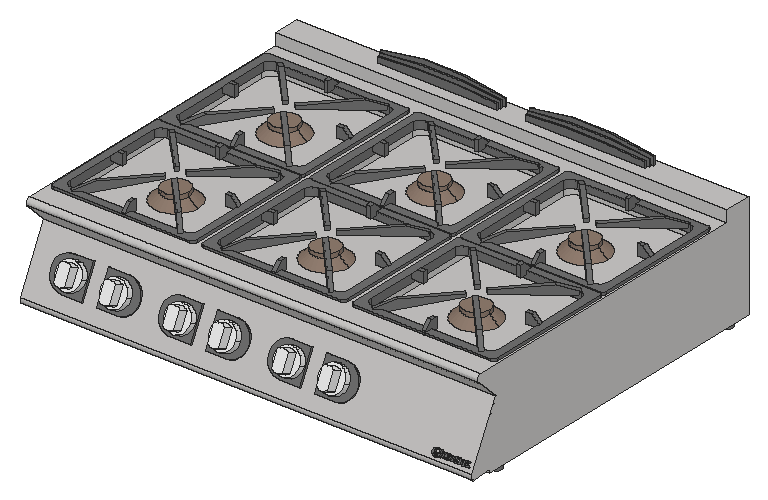
Revit family "QF_GIORIK_CG960T", category Specialty Equipment, Revit 2014
Parameters (values of type "CG960T")
  Weight in Pounds = 220.462
  URL Cutsheet = "www.giorik.com"
  URL = "www.giorik.com"
  Status [instance] = ""
  Specification by User [instance] = ""
  Specification by Manufacturer = ""
  Show Logo [instance] = yes
  Show Clearance [instance] = yes
  Serial Number = ""
  Seismic Rating = ""
  SMACNA No = ""
  Revision Code [instance] = ""
  NAFEM Spec ID Number = ""
  Model = "CG960T"
  Mechanical Remarks [instance] = "Natural Gas"
  Mechanical Connection Type [instance] = ""
  Masterspec = ""
  Manufacturer = "GIORIK"
  Item Number [instance] = ""
  Installed By [instance] = ""
  Identify Quantity as Lot [instance] = no
  Gas Size = 1"
  Gas RI Height [instance] = 0 mm
  Gas KW = 48
  Gas Input = 48000 W
  Gas Connection Height [instance] = 20 mm
  Furnished By [instance] = ""
  Foodservice Equipment Identifier [instance] = yes
  Description = "6 BURNER GAS RANGE - COUNTERTOP VERSION"
  CSI MasterFormat = ""
  Assembly Code = "E1090320"
Reference planes
  plane 1 "Back": y = 0
  plane 2: z = 0
  plane 3 "Left": x = 0
  plane 4 "Right": x = 1200
  plane 5 "Front": y = -920
  plane 6 "Top": z = 300.021
Forms (mm)
  Extrusion 1, void
    sketch origin (0, -2.695, 300.021) x (0, 1, 0) y (-1, 0, 0)
      loop
        arc (-110, -48.046) -> (-118.787, -26.832) -> (-140, -18.046) r 30
        line (-140, -18.046) -> (-800.004, -18.046)
        arc (-800.004, -18.046) -> (-821.217, -26.832) -> (-830.004, -48.046) r 30
        line (-830.004, -48.046) -> (-830.004, -352.046)
        arc (-830.004, -352.046) -> (-821.217, -373.259) -> (-800.004, -382.046) r 30
        line (-800.004, -382.046) -> (-140, -382.046)
        arc (-140, -382.046) -> (-118.787, -373.259) -> (-110, -352.046) r 30
        line (-110, -352.046) -> (-110, -48.046)
    from -30 to -70
  Extrusion 2, solid
    sketch origin (-4, -2.717, 5.033) x (1, 0, 0) y (0, 1, 0)
      loop
        circle (54, -385) r 12.5
    from 0 to 15
  Extrusion 3, solid
    sketch origin (159.325, -432.708, -670.979) x (0, -1, 0) y (0, 0, -1)
      loop
        line (35.989, -935.989) -> (65, -965) -> (79.749, -965) -> (79.749, -935.989) -> (35.989, -935.989)
    from 35.72 to 45.72
  Extrusion 4, solid
    sketch origin (0.046, -427.695, -576.979) x (1, 0, 0) y (0, 1, 0)
      loop
        line (8, -55.002) -> (8, -395.004)
        arc (8, -395.004) -> (10.929, -402.075) -> (18, -405.004) r 10
        line (18, -405.004) -> (382, -405.004)
        arc (382, -405.004) -> (389.071, -402.075) -> (392, -395.004) r 10
        line (392, -395.004) -> (392, -55.002)
        arc (392, -55.002) -> (389.071, -47.931) -> (382, -45.002) r 10
        line (382, -45.002) -> (18, -45.002)
        arc (18, -45.002) -> (10.929, -47.931) -> (8, -55.002) r 10
      loop
        arc (49.954, -67.002) -> (35.812, -72.86) -> (29.954, -87.002) r 20
        line (29.954, -87.002) -> (29.954, -365.004)
        arc (29.954, -365.004) -> (35.812, -379.146) -> (49.954, -385.004) r 20
        line (49.954, -385.004) -> (349.954, -385.004)
        arc (349.954, -385.004) -> (364.097, -379.146) -> (369.954, -365.004) r 20
        line (369.954, -365.004) -> (369.954, -87.002)
        arc (369.954, -87.002) -> (364.097, -72.86) -> (349.954, -67.002) r 20
        line (349.954, -67.002) -> (49.954, -67.002)
    from 831.989 to 851.989
  Extrusion 5, solid
    sketch origin (347.736, -432.53, -602.788) x (-0.670885, -0.741561, 0) y (0, 0, -1)
      loop
        line (239.679, -896.808) -> (239.679, -888.14) -> (57.778, -867.797) -> (36.748, -867.797) -> (36.748, -875.452) -> (95.425, -896.808) -> (239.679, -896.808)
    from 30.148 to 40.148
  Extrusion 6, solid
    sketch origin (52.421, -432.594, -602.788) x (0.670878, -0.741568, 0) y (0, 0, 1)
      loop
        line (239.588, 896.808) -> (95.425, 896.808) -> (36.748, 875.452) -> (36.748, 867.797) -> (57.778, 867.797) -> (239.588, 888.13) -> (239.588, 896.808)
    from 30.148 to 40.148
  Extrusion 7, solid
    sketch origin (347.735, -874.862, -602.788) x (-0.670878, 0.741568, 0) y (0, 0, 1)
      loop
        line (239.679, 896.808) -> (95.425, 896.808) -> (36.748, 875.452) -> (36.748, 867.797) -> (57.778, 867.797) -> (239.679, 888.14) -> (239.679, 896.808)
    from 30.148 to 40.148
  Extrusion 8, solid
    sketch origin (52.356, -874.862, -602.788) x (0.670885, 0.741561, 0) y (0, 0, -1)
      loop
        line (239.679, -896.808) -> (239.679, -888.14) -> (57.778, -867.797) -> (36.748, -867.797) -> (36.748, -875.452) -> (95.425, -896.808) -> (239.679, -896.808)
    from 30.148 to 40.148
  Extrusion 9, solid
    sketch origin (240.72, -872.688, -670.979) x (0, 1, 0) y (0, 0, -1)
      loop
        line (35.989, -935.989) -> (65, -965) -> (79.749, -965) -> (79.749, -935.989) -> (35.989, -935.989)
    from 35.72 to 45.72
  Extrusion 10, solid
    sketch origin (159.325, -512.686, -670.979) x (0, 1, 0) y (0, 0, 1)
      loop
        line (35.989, 935.989) -> (79.749, 935.989) -> (79.749, 965) -> (65, 965) -> (35.989, 935.989)
    from 35.72 to 45.72
  Extrusion 11, solid
    sketch origin (-15.829, -241.978, -670.979) x (1, 0, 0) y (0, 0, 1)
      loop
        line (35.989, 935.989) -> (79.749, 935.989) -> (79.749, 965) -> (65, 965) -> (35.989, 935.989)
    from 35.72 to 45.72
  Extrusion 12, solid
    sketch origin (415.921, -241.978, -670.979) x (-1, 0, 0) y (0, 0, -1)
      loop
        line (35.989, -935.989) -> (65, -965) -> (79.749, -965) -> (79.749, -935.989) -> (35.989, -935.989)
    from 35.72 to 45.72
  Extrusion 13, solid
    sketch origin (0.046, -517.698, -576.979) x (1, 0, 0) y (0, 1, 0)
      loop
        arc (8, 55.002) -> (10.929, 47.931) -> (18, 45.002) r 10
        line (18, 45.002) -> (382, 45.002)
        arc (382, 45.002) -> (389.071, 47.931) -> (392, 55.002) r 10
        line (392, 55.002) -> (392, 395.004)
        arc (392, 395.004) -> (389.071, 402.075) -> (382, 405.004) r 10
        line (382, 405.004) -> (18, 405.004)
        arc (18, 405.004) -> (10.929, 402.075) -> (8, 395.004) r 10
        line (8, 395.004) -> (8, 55.002)
      loop
        line (49.954, 67.002) -> (349.954, 67.002)
        arc (349.954, 67.002) -> (364.097, 72.86) -> (369.954, 87.002) r 20
        line (369.954, 87.002) -> (369.954, 365.004)
        arc (369.954, 365.004) -> (364.097, 379.146) -> (349.954, 385.004) r 20
        line (349.954, 385.004) -> (49.954, 385.004)
        arc (49.954, 385.004) -> (35.812, 379.146) -> (29.954, 365.004) r 20
        line (29.954, 365.004) -> (29.954, 87.002)
        arc (29.954, 87.002) -> (35.812, 72.86) -> (49.954, 67.002) r 20
    from 831.989 to 851.989
  Extrusion 14, solid
    sketch origin (347.736, -512.863, -602.788) x (-0.670885, 0.741561, 0) y (0, 0, 1)
      loop
        line (239.679, 896.808) -> (95.425, 896.808) -> (36.748, 875.452) -> (36.748, 867.797) -> (57.778, 867.797) -> (239.679, 888.14) -> (239.679, 896.808)
    from 30.148 to 40.148
  Extrusion 15, solid
    sketch origin (52.421, -512.799, -602.788) x (0.670878, 0.741568, 0) y (0, 0, -1)
      loop
        line (239.588, -896.808) -> (239.588, -888.13) -> (57.778, -867.797) -> (36.748, -867.797) -> (36.748, -875.452) -> (95.425, -896.808) -> (239.588, -896.808)
    from 30.148 to 40.148
  Extrusion 16, solid
    sketch origin (347.735, -70.532, -602.788) x (-0.670878, -0.741568, 0) y (0, 0, -1)
      loop
        line (239.679, -896.808) -> (239.679, -888.14) -> (57.778, -867.797) -> (36.748, -867.797) -> (36.748, -875.452) -> (95.425, -896.808) -> (239.679, -896.808)
    from 30.148 to 40.148
  Extrusion 17, solid
    sketch origin (52.356, -70.532, -602.788) x (0.670885, -0.741561, 0) y (0, 0, 1)
      loop
        line (239.679, 896.808) -> (95.425, 896.808) -> (36.748, 875.452) -> (36.748, 867.797) -> (57.778, 867.797) -> (239.679, 888.14) -> (239.679, 896.808)
    from 30.148 to 40.148
  Extrusion 18, solid
    sketch origin (240.72, -72.706, -670.979) x (0, -1, 0) y (0, 0, 1)
      loop
        line (35.989, 935.989) -> (79.749, 935.989) -> (79.749, 965) -> (65, 965) -> (35.989, 935.989)
    from 35.72 to 45.72
  Extrusion 19, solid
    sketch origin (-4, -2.717, 5.033) x (1, 0, 0) y (0, 1, 0)
      loop
        circle (54, -385) r 12.5
    from 0 to 15
  Extrusion 20, solid
    sketch origin (-15.829, -694.419, -670.979) x (1, 0, 0) y (0, 0, -1)
      loop
        line (35.989, -935.989) -> (65, -965) -> (79.749, -965) -> (79.749, -935.989) -> (35.989, -935.989)
    from 35.72 to 45.72
  Extrusion 21, solid
    sketch origin (415.921, -694.419, -670.979) x (-1, 0, 0) y (0, 0, 1)
      loop
        line (35.989, 935.989) -> (79.749, 935.989) -> (79.749, 965) -> (65, 965) -> (35.989, 935.989)
    from 35.72 to 45.72
  Extrusion 22, solid
    sketch origin (559.325, -432.708, -670.979) x (0, -1, 0) y (0, 0, -1)
      loop
        line (35.989, -935.989) -> (65, -965) -> (79.749, -965) -> (79.749, -935.989) -> (35.989, -935.989)
    from 35.72 to 45.72
  Extrusion 23, solid
    sketch origin (400.046, -427.695, -576.979) x (1, 0, 0) y (0, 1, 0)
      loop
        line (8, -55.002) -> (8, -395.004)
        arc (8, -395.004) -> (10.929, -402.075) -> (18, -405.004) r 10
        line (18, -405.004) -> (382, -405.004)
        arc (382, -405.004) -> (389.071, -402.075) -> (392, -395.004) r 10
        line (392, -395.004) -> (392, -55.002)
        arc (392, -55.002) -> (389.071, -47.931) -> (382, -45.002) r 10
        line (382, -45.002) -> (18, -45.002)
        arc (18, -45.002) -> (10.929, -47.931) -> (8, -55.002) r 10
      loop
        arc (49.954, -67.002) -> (35.812, -72.86) -> (29.954, -87.002) r 20
        line (29.954, -87.002) -> (29.954, -365.004)
        arc (29.954, -365.004) -> (35.812, -379.146) -> (49.954, -385.004) r 20
        line (49.954, -385.004) -> (349.954, -385.004)
        arc (349.954, -385.004) -> (364.097, -379.146) -> (369.954, -365.004) r 20
        line (369.954, -365.004) -> (369.954, -87.002)
        arc (369.954, -87.002) -> (364.097, -72.86) -> (349.954, -67.002) r 20
        line (349.954, -67.002) -> (49.954, -67.002)
    from 831.989 to 851.989
  Extrusion 24, solid
    sketch origin (747.736, -432.53, -602.788) x (-0.670885, -0.741561, 0) y (0, 0, -1)
      loop
        line (239.679, -896.808) -> (239.679, -888.14) -> (57.778, -867.797) -> (36.748, -867.797) -> (36.748, -875.452) -> (95.425, -896.808) -> (239.679, -896.808)
    from 30.148 to 40.148
  Extrusion 25, solid
    sketch origin (452.421, -432.594, -602.788) x (0.670878, -0.741568, 0) y (0, 0, 1)
      loop
        line (239.588, 896.808) -> (95.425, 896.808) -> (36.748, 875.452) -> (36.748, 867.797) -> (57.778, 867.797) -> (239.588, 888.13) -> (239.588, 896.808)
    from 30.148 to 40.148
  Extrusion 26, solid
    sketch origin (747.735, -874.862, -602.788) x (-0.670878, 0.741568, 0) y (0, 0, 1)
      loop
        line (239.679, 896.808) -> (95.425, 896.808) -> (36.748, 875.452) -> (36.748, 867.797) -> (57.778, 867.797) -> (239.679, 888.14) -> (239.679, 896.808)
    from 30.148 to 40.148
  Extrusion 27, solid
    sketch origin (452.356, -874.862, -602.788) x (0.670885, 0.741561, 0) y (0, 0, -1)
      loop
        line (239.679, -896.808) -> (239.679, -888.14) -> (57.778, -867.797) -> (36.748, -867.797) -> (36.748, -875.452) -> (95.425, -896.808) -> (239.679, -896.808)
    from 30.148 to 40.148
  Extrusion 28, solid
    sketch origin (640.72, -872.688, -670.979) x (0, 1, 0) y (0, 0, -1)
      loop
        line (35.989, -935.989) -> (65, -965) -> (79.749, -965) -> (79.749, -935.989) -> (35.989, -935.989)
    from 35.72 to 45.72
  Extrusion 29, solid
    sketch origin (559.325, -512.686, -670.979) x (0, 1, 0) y (0, 0, 1)
      loop
        line (35.989, 935.989) -> (79.749, 935.989) -> (79.749, 965) -> (65, 965) -> (35.989, 935.989)
    from 35.72 to 45.72
  Extrusion 30, solid
    sketch origin (384.171, -241.978, -670.979) x (1, 0, 0) y (0, 0, 1)
      loop
        line (35.989, 935.989) -> (79.749, 935.989) -> (79.749, 965) -> (65, 965) -> (35.989, 935.989)
    from 35.72 to 45.72
  Extrusion 31, solid
    sketch origin (815.921, -241.978, -670.979) x (-1, 0, 0) y (0, 0, -1)
      loop
        line (35.989, -935.989) -> (65, -965) -> (79.749, -965) -> (79.749, -935.989) -> (35.989, -935.989)
    from 35.72 to 45.72
  Extrusion 32, solid
    sketch origin (400.046, -517.698, -576.979) x (1, 0, 0) y (0, 1, 0)
      loop
        arc (8, 55.002) -> (10.929, 47.931) -> (18, 45.002) r 10
        line (18, 45.002) -> (382, 45.002)
        arc (382, 45.002) -> (389.071, 47.931) -> (392, 55.002) r 10
        line (392, 55.002) -> (392, 395.004)
        arc (392, 395.004) -> (389.071, 402.075) -> (382, 405.004) r 10
        line (382, 405.004) -> (18, 405.004)
        arc (18, 405.004) -> (10.929, 402.075) -> (8, 395.004) r 10
        line (8, 395.004) -> (8, 55.002)
      loop
        line (49.954, 67.002) -> (349.954, 67.002)
        arc (349.954, 67.002) -> (364.097, 72.86) -> (369.954, 87.002) r 20
        line (369.954, 87.002) -> (369.954, 365.004)
        arc (369.954, 365.004) -> (364.097, 379.146) -> (349.954, 385.004) r 20
        line (349.954, 385.004) -> (49.954, 385.004)
        arc (49.954, 385.004) -> (35.812, 379.146) -> (29.954, 365.004) r 20
        line (29.954, 365.004) -> (29.954, 87.002)
        arc (29.954, 87.002) -> (35.812, 72.86) -> (49.954, 67.002) r 20
    from 831.989 to 851.989
  Extrusion 33, solid
    sketch origin (747.736, -512.863, -602.788) x (-0.670885, 0.741561, 0) y (0, 0, 1)
      loop
        line (239.679, 896.808) -> (95.425, 896.808) -> (36.748, 875.452) -> (36.748, 867.797) -> (57.778, 867.797) -> (239.679, 888.14) -> (239.679, 896.808)
    from 30.148 to 40.148
  Extrusion 34, solid
    sketch origin (452.421, -512.799, -602.788) x (0.670878, 0.741568, 0) y (0, 0, -1)
      loop
        line (239.588, -896.808) -> (239.588, -888.13) -> (57.778, -867.797) -> (36.748, -867.797) -> (36.748, -875.452) -> (95.425, -896.808) -> (239.588, -896.808)
    from 30.148 to 40.148
  Extrusion 35, solid
    sketch origin (747.735, -70.532, -602.788) x (-0.670878, -0.741568, 0) y (0, 0, -1)
      loop
        line (239.679, -896.808) -> (239.679, -888.14) -> (57.778, -867.797) -> (36.748, -867.797) -> (36.748, -875.452) -> (95.425, -896.808) -> (239.679, -896.808)
    from 30.148 to 40.148
  Extrusion 36, solid
    sketch origin (452.356, -70.532, -602.788) x (0.670885, -0.741561, 0) y (0, 0, 1)
      loop
        line (239.679, 896.808) -> (95.425, 896.808) -> (36.748, 875.452) -> (36.748, 867.797) -> (57.778, 867.797) -> (239.679, 888.14) -> (239.679, 896.808)
    from 30.148 to 40.148
  Extrusion 37, solid
    sketch origin (640.72, -72.706, -670.979) x (0, -1, 0) y (0, 0, 1)
      loop
        line (35.989, 935.989) -> (79.749, 935.989) -> (79.749, 965) -> (65, 965) -> (35.989, 935.989)
    from 35.72 to 45.72
  Extrusion 38, void
    sketch origin (400, -2.695, 300.021) x (0, 1, 0) y (-1, 0, 0)
      loop
        arc (-110, -48.046) -> (-118.787, -26.832) -> (-140, -18.046) r 30
        line (-140, -18.046) -> (-800.004, -18.046)
        arc (-800.004, -18.046) -> (-821.217, -26.832) -> (-830.004, -48.046) r 30
        line (-830.004, -48.046) -> (-830.004, -352.046)
        arc (-830.004, -352.046) -> (-821.217, -373.259) -> (-800.004, -382.046) r 30
        line (-800.004, -382.046) -> (-140, -382.046)
        arc (-140, -382.046) -> (-118.787, -373.259) -> (-110, -352.046) r 30
        line (-110, -352.046) -> (-110, -48.046)
    from -30 to -70
  Extrusion 39, solid
    sketch origin (384.171, -694.419, -670.979) x (1, 0, 0) y (0, 0, -1)
      loop
        line (35.989, -935.989) -> (65, -965) -> (79.749, -965) -> (79.749, -935.989) -> (35.989, -935.989)
    from 35.72 to 45.72
  Extrusion 40, solid
    sketch origin (815.921, -694.419, -670.979) x (-1, 0, 0) y (0, 0, 1)
      loop
        line (35.989, 935.989) -> (79.749, 935.989) -> (79.749, 965) -> (65, 965) -> (35.989, 935.989)
    from 35.72 to 45.72
  Extrusion 41, solid
    sketch origin (959.325, -432.708, -670.979) x (0, -1, 0) y (0, 0, -1)
      loop
        line (35.989, -935.989) -> (65, -965) -> (79.749, -965) -> (79.749, -935.989) -> (35.989, -935.989)
    from 35.72 to 45.72
  Extrusion 42, solid
    sketch origin (800.046, -427.695, -576.979) x (1, 0, 0) y (0, 1, 0)
      loop
        line (8, -55.002) -> (8, -395.004)
        arc (8, -395.004) -> (10.929, -402.075) -> (18, -405.004) r 10
        line (18, -405.004) -> (382, -405.004)
        arc (382, -405.004) -> (389.071, -402.075) -> (392, -395.004) r 10
        line (392, -395.004) -> (392, -55.002)
        arc (392, -55.002) -> (389.071, -47.931) -> (382, -45.002) r 10
        line (382, -45.002) -> (18, -45.002)
        arc (18, -45.002) -> (10.929, -47.931) -> (8, -55.002) r 10
      loop
        arc (49.954, -67.002) -> (35.812, -72.86) -> (29.954, -87.002) r 20
        line (29.954, -87.002) -> (29.954, -365.004)
        arc (29.954, -365.004) -> (35.812, -379.146) -> (49.954, -385.004) r 20
        line (49.954, -385.004) -> (349.954, -385.004)
        arc (349.954, -385.004) -> (364.097, -379.146) -> (369.954, -365.004) r 20
        line (369.954, -365.004) -> (369.954, -87.002)
        arc (369.954, -87.002) -> (364.097, -72.86) -> (349.954, -67.002) r 20
        line (349.954, -67.002) -> (49.954, -67.002)
    from 831.989 to 851.989
  Extrusion 43, solid
    sketch origin (1147.736, -432.53, -602.788) x (-0.670885, -0.741561, 0) y (0, 0, -1)
      loop
        line (239.679, -896.808) -> (239.679, -888.14) -> (57.778, -867.797) -> (36.748, -867.797) -> (36.748, -875.452) -> (95.425, -896.808) -> (239.679, -896.808)
    from 30.148 to 40.148
  Extrusion 44, solid
    sketch origin (852.421, -432.594, -602.788) x (0.670878, -0.741568, 0) y (0, 0, 1)
      loop
        line (239.588, 896.808) -> (95.425, 896.808) -> (36.748, 875.452) -> (36.748, 867.797) -> (57.778, 867.797) -> (239.588, 888.13) -> (239.588, 896.808)
    from 30.148 to 40.148
  Extrusion 45, solid
    sketch origin (1147.735, -874.862, -602.788) x (-0.670878, 0.741568, 0) y (0, 0, 1)
      loop
        line (239.679, 896.808) -> (95.425, 896.808) -> (36.748, 875.452) -> (36.748, 867.797) -> (57.778, 867.797) -> (239.679, 888.14) -> (239.679, 896.808)
    from 30.148 to 40.148
  Extrusion 46, solid
    sketch origin (852.356, -874.862, -602.788) x (0.670885, 0.741561, 0) y (0, 0, -1)
      loop
        line (239.679, -896.808) -> (239.679, -888.14) -> (57.778, -867.797) -> (36.748, -867.797) -> (36.748, -875.452) -> (95.425, -896.808) -> (239.679, -896.808)
    from 30.148 to 40.148
  Extrusion 47, solid
    sketch origin (1040.72, -872.688, -670.979) x (0, 1, 0) y (0, 0, -1)
      loop
        line (35.989, -935.989) -> (65, -965) -> (79.749, -965) -> (79.749, -935.989) -> (35.989, -935.989)
    from 35.72 to 45.72
  Extrusion 48, solid
    sketch origin (959.325, -512.686, -670.979) x (0, 1, 0) y (0, 0, 1)
      loop
        line (35.989, 935.989) -> (79.749, 935.989) -> (79.749, 965) -> (65, 965) -> (35.989, 935.989)
    from 35.72 to 45.72
  Extrusion 49, solid
    sketch origin (784.171, -241.978, -670.979) x (1, 0, 0) y (0, 0, 1)
      loop
        line (35.989, 935.989) -> (79.749, 935.989) -> (79.749, 965) -> (65, 965) -> (35.989, 935.989)
    from 35.72 to 45.72
  Extrusion 50, solid
    sketch origin (1215.921, -241.978, -670.979) x (-1, 0, 0) y (0, 0, -1)
      loop
        line (35.989, -935.989) -> (65, -965) -> (79.749, -965) -> (79.749, -935.989) -> (35.989, -935.989)
    from 35.72 to 45.72
  Extrusion 51, solid
    sketch origin (800.046, -517.698, -576.979) x (1, 0, 0) y (0, 1, 0)
      loop
        arc (8, 55.002) -> (10.929, 47.931) -> (18, 45.002) r 10
        line (18, 45.002) -> (382, 45.002)
        arc (382, 45.002) -> (389.071, 47.931) -> (392, 55.002) r 10
        line (392, 55.002) -> (392, 395.004)
        arc (392, 395.004) -> (389.071, 402.075) -> (382, 405.004) r 10
        line (382, 405.004) -> (18, 405.004)
        arc (18, 405.004) -> (10.929, 402.075) -> (8, 395.004) r 10
        line (8, 395.004) -> (8, 55.002)
      loop
        line (49.954, 67.002) -> (349.954, 67.002)
        arc (349.954, 67.002) -> (364.097, 72.86) -> (369.954, 87.002) r 20
        line (369.954, 87.002) -> (369.954, 365.004)
        arc (369.954, 365.004) -> (364.097, 379.146) -> (349.954, 385.004) r 20
        line (349.954, 385.004) -> (49.954, 385.004)
        arc (49.954, 385.004) -> (35.812, 379.146) -> (29.954, 365.004) r 20
        line (29.954, 365.004) -> (29.954, 87.002)
        arc (29.954, 87.002) -> (35.812, 72.86) -> (49.954, 67.002) r 20
    from 831.989 to 851.989
  Extrusion 52, solid
    sketch origin (1147.736, -512.863, -602.788) x (-0.670885, 0.741561, 0) y (0, 0, 1)
      loop
        line (239.679, 896.808) -> (95.425, 896.808) -> (36.748, 875.452) -> (36.748, 867.797) -> (57.778, 867.797) -> (239.679, 888.14) -> (239.679, 896.808)
    from 30.148 to 40.148
  Extrusion 53, solid
    sketch origin (852.421, -512.799, -602.788) x (0.670878, 0.741568, 0) y (0, 0, -1)
      loop
        line (239.588, -896.808) -> (239.588, -888.13) -> (57.778, -867.797) -> (36.748, -867.797) -> (36.748, -875.452) -> (95.425, -896.808) -> (239.588, -896.808)
    from 30.148 to 40.148
  Extrusion 54, solid
    sketch origin (1147.735, -70.532, -602.788) x (-0.670878, -0.741568, 0) y (0, 0, -1)
      loop
        line (239.679, -896.808) -> (239.679, -888.14) -> (57.778, -867.797) -> (36.748, -867.797) -> (36.748, -875.452) -> (95.425, -896.808) -> (239.679, -896.808)
    from 30.148 to 40.148
  Extrusion 55, solid
    sketch origin (852.356, -70.532, -602.788) x (0.670885, -0.741561, 0) y (0, 0, 1)
      loop
        line (239.679, 896.808) -> (95.425, 896.808) -> (36.748, 875.452) -> (36.748, 867.797) -> (57.778, 867.797) -> (239.679, 888.14) -> (239.679, 896.808)
    from 30.148 to 40.148
  Extrusion 56, solid
    sketch origin (1040.72, -72.706, -670.979) x (0, -1, 0) y (0, 0, 1)
      loop
        line (35.989, 935.989) -> (79.749, 935.989) -> (79.749, 965) -> (65, 965) -> (35.989, 935.989)
    from 35.72 to 45.72
  Extrusion 57, solid, visible <- "Show Logo"
    sketch origin (996.604, -935.721, 11.298) x (-1, 0, 0) y (0, 0.452718, 0.891654)
      loop
        line (-118.824, 58.358) -> (-127.804, 58.358) -> (-125.523, 56.445) -> (-125.523, 48.027) -> (-127.804, 46.113) -> (-118.824, 46.113) -> (-121.105, 48.027) -> (-121.105, 56.445) -> (-118.824, 58.358)
      loop
        line (-163.721, 58.358) -> (-172.7, 58.358) -> (-170.42, 56.445) -> (-170.42, 48.027) -> (-172.7, 46.113) -> (-163.721, 46.113) -> (-166.001, 48.027) -> (-166.001, 56.445) -> (-163.721, 58.358)
      loop
        line (-174.332, 58.358) -> (-183.312, 58.358) -> (-181.031, 56.445) -> (-181.031, 52.435) -> (-186.419, 56.955) -> (-184.416, 58.358) -> (-191.268, 58.358) -> (-188.01, 56.839) -> (-185.455, 54.283) -> (-190.846, 47.858) -> (-193.396, 46.93) -> (-193.396, 46.113) -> (-184.416, 46.113) -> (-185.437, 47.571) -> (-182.443, 51.552) -> (-181.031, 50.894) -> (-181.031, 48.027) -> (-183.312, 46.113) -> (-174.332, 46.113) -> (-176.613, 48.027) -> (-176.613, 56.445) -> (-174.332, 58.358)
      loop
        line (-115.429, 62.063) -> (-115.429, 54.198)
        arc (-115.429, 54.198) -> (-111.618, 57.803) -> (-106.847, 59.986) r 16.039
        arc (-106.847, 59.986) -> (-103.314, 59.837) -> (-100.512, 57.68) r 5.851
        arc (-100.512, 57.68) -> (-98.815, 52.267) -> (-100.512, 46.853) r 9.479
        arc (-100.512, 46.853) -> (-102.406, 44.986) -> (-104.846, 43.93) r 7.236
        arc (-104.846, 43.93) -> (-107.728, 44.111) -> (-110.052, 45.825) r 5.11
        line (-110.052, 45.825) -> (-110.052, 52.001) -> (-116.141, 52.001) -> (-116.141, 45.503) -> (-117.893, 43.751) -> (-114.094, 44.769)
        arc (-114.094, 44.769) -> (-112.56, 44.947) -> (-111.129, 44.366) r 3.115
        arc (-111.129, 44.366) -> (-104.216, 42.091) -> (-97.303, 44.366) r 11.641
        arc (-97.303, 44.366) -> (-93.396, 52.107) -> (-97.303, 59.849) r 9.622
        arc (-97.303, 59.849) -> (-104.369, 62.174) -> (-111.435, 59.849) r 11.898
        line (-111.435, 59.849) -> (-115.429, 62.063)
      loop
        arc (-129.234, 56.068) -> (-135.893, 58.628) -> (-142.552, 56.068) r 9.941
        arc (-142.552, 56.068) -> (-144.234, 52.286) -> (-142.552, 48.505) r 5.093
        arc (-142.552, 48.505) -> (-135.893, 45.945) -> (-129.234, 48.505) r 9.941
        arc (-129.234, 48.505) -> (-127.552, 52.286) -> (-129.234, 56.068) r 5.093
      loop
        arc (-132.628, 54.403) -> (-135.893, 57.668) -> (-139.158, 54.403) r 3.265
        line (-139.158, 54.403) -> (-139.158, 50.169)
        arc (-139.158, 50.169) -> (-135.893, 46.904) -> (-132.628, 50.169) r 3.265
        line (-132.628, 50.169) -> (-132.628, 54.403)
      loop
        arc (-156.363, 58.365) -> (-159.647, 55.081) -> (-156.363, 51.796) r 3.285
        line (-156.363, 51.796) -> (-159.529, 47.306) -> (-162.087, 46.113) -> (-155.847, 46.113) -> (-153.529, 51.083) -> (-150.637, 51.083) -> (-150.637, 47.784) -> (-153.022, 46.113) -> (-144.011, 46.113) -> (-146.094, 47.68) -> (-146.094, 56.493) -> (-144.229, 58.365) -> (-156.363, 58.365)
      loop
        line (-150.637, 57.512) -> (-153.637, 57.512)
        arc (-153.637, 57.512) -> (-156.237, 54.912) -> (-153.637, 52.312) r 2.6
        line (-153.637, 52.312) -> (-150.637, 52.312) -> (-150.637, 57.512)
      loop
        line (-108.924, 52.001) -> (-104.936, 49.005) -> (-100.948, 52.001) -> (-108.924, 52.001)
    from 1.5 to -0.5
  Extrusion 58, void
    sketch origin (800, -2.695, 300.021) x (0, 1, 0) y (-1, 0, 0)
      loop
        arc (-110, -50.16) -> (-118.787, -28.947) -> (-140, -20.16) r 30
        line (-140, -20.16) -> (-800.004, -20.16)
        arc (-800.004, -20.16) -> (-821.217, -28.947) -> (-830.004, -50.16) r 30
        line (-830.004, -50.16) -> (-830.004, -349.931)
        arc (-830.004, -349.931) -> (-821.217, -371.145) -> (-800.004, -379.931) r 30
        line (-800.004, -379.931) -> (-140, -379.931)
        arc (-140, -379.931) -> (-118.787, -371.145) -> (-110, -349.931) r 30
        line (-110, -349.931) -> (-110, -50.16)
    from -30 to -70
  Extrusion 59, solid
    sketch origin (784.171, -694.419, -670.979) x (1, 0, 0) y (0, 0, -1)
      loop
        line (35.989, -935.989) -> (65, -965) -> (79.749, -965) -> (79.749, -935.989) -> (35.989, -935.989)
    from 35.72 to 45.72
  Extrusion 60, solid
    sketch origin (1215.921, -694.419, -670.979) x (-1, 0, 0) y (0, 0, 1)
      loop
        line (35.989, 935.989) -> (79.749, 935.989) -> (79.749, 965) -> (65, 965) -> (35.989, 935.989)
    from 35.72 to 45.72
  Extrusion 61, solid
    sketch origin (266.779, -1164.538, -548.71) x (1, 0, 0) y (0, 0.452718, 0.891654)
      loop
        line (463.221, 676.25) -> (463.221, 766.25) -> (409.698, 766.25)
        arc (409.698, 766.25) -> (364.698, 721.25) -> (409.698, 676.25) r 45
        line (409.698, 676.25) -> (463.221, 676.25)
    from 48 to 50
  Extrusion 62, solid
    sketch origin (1233.221, -1164.538, -548.71) x (-1, 0, 0) y (0, -0.452718, -0.891654)
      loop
        line (463.221, -676.25) -> (409.698, -676.25)
        arc (409.698, -676.25) -> (364.698, -721.25) -> (409.698, -766.25) r 45
        line (409.698, -766.25) -> (463.221, -766.25) -> (463.221, -676.25)
    from 48 to 50
  Extrusion 63, solid
    sketch origin (458.669, -1209.89, -526.115) x (1, 0, 0) y (0, 0.45351, 0.891251)
      loop
        circle (351.331, 721.346) r 35
    from 0 to 15
  Extrusion 64, solid
    sketch origin (458.669, -1209.89, -526.115) x (1, 0, 0) y (0, 0.45351, 0.891251)
      loop
        line (336.331, 743.846) -> (336.331, 698.846)
        arc (336.331, 698.846) -> (351.331, 693.846) -> (366.331, 698.846) r 25
        line (366.331, 698.846) -> (366.331, 743.846)
        arc (366.331, 743.846) -> (351.331, 748.846) -> (336.331, 743.846) r 25
    from 15 to 40
  Extrusion 65, solid
    sketch origin (1041.331, -1209.89, -526.115) x (-1, 0, 0) y (0, -0.45351, -0.891251)
      loop
        circle (351.331, -721.346) r 35
    from 0 to 15
  Extrusion 66, solid
    sketch origin (1041.331, -1209.89, -526.115) x (-1, 0, 0) y (0, -0.45351, -0.891251)
      loop
        arc (336.331, -743.846) -> (351.331, -748.846) -> (366.331, -743.846) r 25
        line (366.331, -743.846) -> (366.331, -698.846)
        arc (366.331, -698.846) -> (351.331, -693.846) -> (336.331, -698.846) r 25
        line (336.331, -698.846) -> (336.331, -743.846)
    from 15 to 40
  Extrusion 67, solid
    sketch origin (-313.221, -1164.538, -548.71) x (1, 0, 0) y (0, 0.452718, 0.891654)
      loop
        line (463.221, 676.25) -> (463.221, 766.25) -> (409.698, 766.25)
        arc (409.698, 766.25) -> (364.698, 721.25) -> (409.698, 676.25) r 45
        line (409.698, 676.25) -> (463.221, 676.25)
    from 48 to 50
  Extrusion 68, solid
    sketch origin (653.221, -1164.538, -548.71) x (-1, 0, 0) y (0, -0.452718, -0.891654)
      loop
        line (463.221, -676.25) -> (409.698, -676.25)
        arc (409.698, -676.25) -> (364.698, -721.25) -> (409.698, -766.25) r 45
        line (409.698, -766.25) -> (463.221, -766.25) -> (463.221, -676.25)
    from 48 to 50
  Extrusion 69, solid
    sketch origin (-121.331, -1209.89, -526.115) x (1, 0, 0) y (0, 0.45351, 0.891251)
      loop
        circle (351.331, 721.346) r 35
    from 0 to 15
  Extrusion 70, solid
    sketch origin (-121.331, -1209.89, -526.115) x (1, 0, 0) y (0, 0.45351, 0.891251)
      loop
        line (336.331, 743.846) -> (336.331, 698.846)
        arc (336.331, 698.846) -> (351.331, 693.846) -> (366.331, 698.846) r 25
        line (366.331, 698.846) -> (366.331, 743.846)
        arc (366.331, 743.846) -> (351.331, 748.846) -> (336.331, 743.846) r 25
    from 15 to 40
  Extrusion 71, solid
    sketch origin (461.331, -1209.89, -526.115) x (-1, 0, 0) y (0, -0.45351, -0.891251)
      loop
        circle (351.331, -721.346) r 35
    from 0 to 15
  Extrusion 72, solid
    sketch origin (461.331, -1209.89, -526.115) x (-1, 0, 0) y (0, -0.45351, -0.891251)
      loop
        arc (336.331, -743.846) -> (351.331, -748.846) -> (366.331, -743.846) r 25
        line (366.331, -743.846) -> (366.331, -698.846)
        arc (366.331, -698.846) -> (351.331, -693.846) -> (336.331, -698.846) r 25
        line (336.331, -698.846) -> (336.331, -743.846)
    from 15 to 40
  Extrusion 73, solid
    sketch origin (943.221, -1164.538, -548.71) x (-1, 0, 0) y (0, -0.452718, -0.891654)
      loop
        line (463.221, -676.25) -> (409.698, -676.25)
        arc (409.698, -676.25) -> (364.698, -721.25) -> (409.698, -766.25) r 45
        line (409.698, -766.25) -> (463.221, -766.25) -> (463.221, -676.25)
    from 48 to 50
  Extrusion 74, solid
    sketch origin (-23.221, -1164.538, -548.71) x (1, 0, 0) y (0, 0.452718, 0.891654)
      loop
        line (463.221, 676.25) -> (463.221, 766.25) -> (409.698, 766.25)
        arc (409.698, 766.25) -> (364.698, 721.25) -> (409.698, 676.25) r 45
        line (409.698, 676.25) -> (463.221, 676.25)
    from 48 to 50
  Extrusion 75, solid
    sketch origin (751.331, -1209.89, -526.115) x (-1, 0, 0) y (0, -0.45351, -0.891251)
      loop
        circle (351.331, -721.346) r 35
    from 0 to 15
  Extrusion 76, solid
    sketch origin (751.331, -1209.89, -526.115) x (-1, 0, 0) y (0, -0.45351, -0.891251)
      loop
        arc (336.331, -743.846) -> (351.331, -748.846) -> (366.331, -743.846) r 25
        line (366.331, -743.846) -> (366.331, -698.846)
        arc (366.331, -698.846) -> (351.331, -693.846) -> (336.331, -698.846) r 25
        line (336.331, -698.846) -> (336.331, -743.846)
    from 15 to 40
  Extrusion 77, solid
    sketch origin (168.669, -1209.89, -526.115) x (1, 0, 0) y (0, 0.45351, 0.891251)
      loop
        circle (351.331, 721.346) r 35
    from 0 to 15
  Extrusion 78, solid
    sketch origin (168.669, -1209.89, -526.115) x (1, 0, 0) y (0, 0.45351, 0.891251)
      loop
        line (336.331, 743.846) -> (336.331, 698.846)
        arc (336.331, 698.846) -> (351.331, 693.846) -> (366.331, 698.846) r 25
        line (366.331, 698.846) -> (366.331, 743.846)
        arc (366.331, 743.846) -> (351.331, 748.846) -> (336.331, 743.846) r 25
    from 15 to 40
  Blend 79, solid
    base sketch origin (0, -377.25, 300.021) x (0, 1, 0) y (-1, 0, 0)
      loop
        circle (-276.449, -200.046) r 60
    top sketch origin (0, -377.25, 300.021) x (0, 1, 0) y (-1, 0, 0)
      loop
        circle (-276.449, -200.046) r 35
    from -70 to -50
  Extrusion 80, solid
    sketch origin (0, -377.25, -629.967) x (1, 0, 0) y (0, 1, 0)
      loop
        circle (200.046, -276.449) r 35
    from 889.988 to 879.988
  Blend 81, solid
    base sketch origin (0, -15.249, 300.021) x (0, 1, 0) y (-1, 0, 0)
      loop
        circle (-276.449, -200.046) r 60
    top sketch origin (0, -15.249, 300.021) x (0, 1, 0) y (-1, 0, 0)
      loop
        circle (-276.449, -200.046) r 35
    from -70 to -50
  Extrusion 82, solid
    sketch origin (0, -15.249, -629.967) x (1, 0, 0) y (0, 1, 0)
      loop
        circle (200.046, -276.449) r 35
    from 889.988 to 879.988
  Blend 83, solid
    base sketch origin (399.954, -15.249, 300.021) x (0, 1, 0) y (-1, 0, 0)
      loop
        circle (-276.449, -200.046) r 60
    top sketch origin (399.954, -15.249, 300.021) x (0, 1, 0) y (-1, 0, 0)
      loop
        circle (-276.449, -200.046) r 35
    from -70 to -50
  Extrusion 84, solid
    sketch origin (399.954, -15.249, -629.967) x (1, 0, 0) y (0, 1, 0)
      loop
        circle (200.046, -276.449) r 35
    from 889.988 to 879.988
  Blend 85, solid
    base sketch origin (799.954, -15.249, 300.021) x (0, 1, 0) y (-1, 0, 0)
      loop
        circle (-276.449, -200.046) r 60
    top sketch origin (799.954, -15.249, 300.021) x (0, 1, 0) y (-1, 0, 0)
      loop
        circle (-276.449, -200.046) r 35
    from -70 to -50
  Extrusion 86, solid
    sketch origin (799.954, -15.249, -629.967) x (1, 0, 0) y (0, 1, 0)
      loop
        circle (200.046, -276.449) r 35
    from 889.988 to 879.988
  Blend 87, solid
    base sketch origin (799.954, -377.25, 300.021) x (0, 1, 0) y (-1, 0, 0)
      loop
        circle (-276.449, -200.046) r 60
    top sketch origin (799.954, -377.25, 300.021) x (0, 1, 0) y (-1, 0, 0)
      loop
        circle (-276.449, -200.046) r 35
    from -70 to -50
  Extrusion 88, solid
    sketch origin (799.954, -377.25, -629.967) x (1, 0, 0) y (0, 1, 0)
      loop
        circle (200.046, -276.449) r 35
    from 889.988 to 879.988
  Blend 89, solid
    base sketch origin (399.954, -377.25, 300.021) x (0, 1, 0) y (-1, 0, 0)
      loop
        circle (-276.449, -200.046) r 60
    top sketch origin (399.954, -377.25, 300.021) x (0, 1, 0) y (-1, 0, 0)
      loop
        circle (-276.449, -200.046) r 35
    from -70 to -50
  Extrusion 90, solid
    sketch origin (399.954, -377.25, -629.967) x (1, 0, 0) y (0, 1, 0)
      loop
        circle (200.046, -276.449) r 35
    from 889.988 to 879.988
  Extrusion 91, solid
    sketch origin (0, 802.838, -619.967) x (0, 1, 0) y (0, 0, 1)
      loop
        line (-802.838, 919.988) -> (-872.832, 919.988) -> (-872.832, 889.988) -> (-1691.506, 889.988)
        arc (-1691.506, 889.988) -> (-1701.851, 883.075) -> (-1699.424, 870.873) r 11.197
        line (-1699.424, 870.873) -> (-1643.576, 815.025) -> (-1721.648, 661.258)
        arc (-1721.648, 661.258) -> (-1720.933, 650.105) -> (-1710.818, 645.354) r 10.981
        line (-1710.818, 645.354) -> (-1662.7, 649.925) -> (-1662.7, 640) -> (-802.838, 640) -> (-802.838, 919.988)
    from 0 to 1200
  Extrusion 92, solid
    sketch origin (109, -2.695, -609.968) x (1, 0, 0) y (0, 0, 1)
      loop
        line (135, 909.989) -> (453, 909.989) -> (453, 925.527) -> (347.056, 931.749) -> (240.944, 931.749) -> (135, 925.527) -> (135, 909.989)
    from 32 to 35
  Extrusion 93, solid
    sketch origin (111, 7.305, -609.968) x (1, 0, 0) y (0, 0, 1)
      loop
        line (454, 909.989) -> (454, 928.527) -> (346.162, 939.193) -> (237.838, 939.193) -> (130, 928.527) -> (130, 909.989) -> (454, 909.989)
    from 32 to 35
  Extrusion 94, solid
    sketch origin (113, 17.305, -609.968) x (1, 0, 0) y (0, 0, 1)
      loop
        line (455, 909.989) -> (455, 930.527) -> (345.396, 947.413) -> (234.604, 947.413) -> (125, 930.527) -> (125, 909.989) -> (455, 909.989)
    from 32 to 35
  Extrusion 95, solid
    sketch origin (1091, -2.695, -609.968) x (-1, 0, 0) y (0, 0, -1)
      loop
        line (135, -909.989) -> (135, -925.527) -> (240.944, -931.749) -> (347.056, -931.749) -> (453, -925.527) -> (453, -909.989) -> (135, -909.989)
    from 32 to 35
  Extrusion 96, solid
    sketch origin (1089, 7.305, -609.968) x (-1, 0, 0) y (0, 0, -1)
      loop
        line (454, -909.989) -> (130, -909.989) -> (130, -928.527) -> (237.838, -939.193) -> (346.162, -939.193) -> (454, -928.527) -> (454, -909.989)
    from 32 to 35
  Extrusion 97, solid
    sketch origin (1087, 17.305, -609.968) x (-1, 0, 0) y (0, 0, -1)
      loop
        line (455, -909.989) -> (125, -909.989) -> (125, -930.527) -> (234.604, -947.413) -> (345.396, -947.413) -> (455, -930.527) -> (455, -909.989)
    from 32 to 35
  Extrusion 98, solid
    sketch origin (543.603, 42.613, -30) x (0, 1, 0) y (-1, 0, 0)
      loop
        circle (-79.293, 516.603) r 5
    from 41.965 to 50
  Revolve 99, solid
    sketch origin (27, 47.262, -600) x (0, 1, 0) y (0, 0, 1)
      loop
        line (-83.943, 611.965) -> (-94.752, 611.965) -> (-97.943, 600) -> (-83.943, 600) -> (-83.943, 611.965)
      axis (-83.943, 611.965) -> (-83.943, 600)
    angle from 0 to 360
  Extrusion 100, solid
    sketch origin (656.397, 42.613, -30) x (0, 1, 0) y (-1, 0, 0)
      loop
        circle (-79.293, -516.603) r 5
    from 41.965 to 50
  Revolve 101, solid
    sketch origin (1173, 47.262, -600) x (0, 1, 0) y (0, 0, -1)
      loop
        line (-83.943, -611.965) -> (-83.943, -600) -> (-97.943, -600) -> (-94.752, -611.965) -> (-83.943, -611.965)
      axis (-83.943, -611.965) -> (-83.943, -600)
    angle from 0 to 360
  Extrusion 102, solid
    sketch origin (543.603, -724.554, -30) x (0, 1, 0) y (-1, 0, 0)
      loop
        circle (-79.293, 516.603) r 5
    from 41.965 to 50
  Revolve 103, solid
    sketch origin (27, -719.905, -600) x (0, 1, 0) y (0, 0, 1)
      loop
        line (-83.943, 611.965) -> (-94.752, 611.965) -> (-97.943, 600) -> (-83.943, 600) -> (-83.943, 611.965)
      axis (-83.943, 611.965) -> (-83.943, 600)
    angle from 0 to 360
  Extrusion 104, solid
    sketch origin (656.397, -724.554, -30) x (0, 1, 0) y (-1, 0, 0)
      loop
        circle (-79.293, -516.603) r 5
    from 41.965 to 50
  Revolve 105, solid
    sketch origin (1173, -719.905, -600) x (0, 1, 0) y (0, 0, -1)
      loop
        line (-83.943, -611.965) -> (-83.943, -600) -> (-97.943, -600) -> (-94.752, -611.965) -> (-83.943, -611.965)
      axis (-83.943, -611.965) -> (-83.943, -600)
    angle from 0 to 360
Cuts and joins
  Extrusion 38 cuts Extrusion 3
  Extrusion 38 cuts Extrusion 4
  Extrusion 38 cuts Extrusion 5
  Extrusion 38 cuts Extrusion 6
  Extrusion 38 cuts Extrusion 7
  Extrusion 38 cuts Extrusion 8
  Extrusion 38 cuts Extrusion 9
  Extrusion 38 cuts Extrusion 10
  Extrusion 38 cuts Extrusion 11
  Extrusion 38 cuts Extrusion 12
  Extrusion 38 cuts Extrusion 13
  Extrusion 38 cuts Extrusion 14
  Extrusion 38 cuts Extrusion 15
  Extrusion 38 cuts Extrusion 16
  Extrusion 38 cuts Extrusion 17
  Extrusion 38 cuts Extrusion 18
  Extrusion 38 cuts Extrusion 20
  Extrusion 38 cuts Extrusion 21
  Extrusion 58 cuts Extrusion 22
  Extrusion 58 cuts Extrusion 23
  Extrusion 58 cuts Extrusion 24
  Extrusion 58 cuts Extrusion 25
  Extrusion 58 cuts Extrusion 26
  Extrusion 58 cuts Extrusion 27
  Extrusion 58 cuts Extrusion 28
  Extrusion 58 cuts Extrusion 29
  Extrusion 58 cuts Extrusion 30
  Extrusion 58 cuts Extrusion 31
  Extrusion 58 cuts Extrusion 32
  Extrusion 58 cuts Extrusion 33
  Extrusion 58 cuts Extrusion 34
  Extrusion 58 cuts Extrusion 35
  Extrusion 58 cuts Extrusion 36
  Extrusion 58 cuts Extrusion 37
  Extrusion 58 cuts Extrusion 39
  Extrusion 58 cuts Extrusion 40
  Extrusion 1, Extrusion 38, Extrusion 58 cuts Extrusion 91
Lines and regions (mm)
  symbolic lines, style "200-EquipBorder-2D"
    curve 1: line (1200, -920, 300.021) -> (0, -920, 300.021)
    curve 312: line (1200, 0, 300.021) -> (0, 0, 300.021)
    curve 313: line (0, -920, 300.021) -> (0, 0, 300.021)
    curve 314: line (1200, -920, 300.021) -> (1200, 0, 300.021)
    curve 315: line (95, -928.606, 300.021) -> (95, -920, 300.021)
    curve 316: line (125, -928.606, 300.021) -> (125, -920, 300.021)
    curve 317: line (215, -928.606, 300.021) -> (215, -920, 300.021)
    curve 318: line (245, -928.606, 300.021) -> (245, -920, 300.021)
    curve 319: line (385, -928.606, 300.021) -> (385, -920, 300.021)
    curve 320: line (415, -928.606, 300.021) -> (415, -920, 300.021)
    curve 321: line (505, -928.606, 300.021) -> (505, -920, 300.021)
    curve 322: line (535, -928.606, 300.021) -> (535, -920, 300.021)
    curve 323: line (675, -928.606, 300.021) -> (675, -920, 300.021)
    curve 324: line (705, -928.606, 300.021) -> (705, -920, 300.021)
    curve 325: line (795, -928.606, 300.021) -> (795, -920, 300.021)
    curve 326: line (825, -928.606, 300.021) -> (825, -920, 300.021)
    curve 327: arc (825, -928.606, 300.021) -> (810, -930.897, 300.021) -> (795, -928.606, 300.021) r 50.265
    curve 328: arc (705, -928.606, 300.021) -> (690, -930.854, 300.021) -> (675, -928.606, 300.021) r 51.174
    curve 329: arc (535, -928.606, 300.021) -> (520, -931.064, 300.021) -> (505, -928.606, 300.021) r 47.012
    curve 330: arc (415, -928.606, 300.021) -> (400, -930.752, 300.021) -> (385, -928.606, 300.021) r 53.508
    curve 331: arc (245, -928.606, 300.021) -> (230, -931.008, 300.021) -> (215, -928.606, 300.021) r 48.052
    curve 332: arc (125, -928.606, 300.021) -> (110, -930.889, 300.021) -> (95, -928.606, 300.021) r 50.431
  symbolic lines, style "200-EquipInternal-2D"
    curve 2: line (67.949, -450.697, 300.021) -> (190.798, -314.903, 300.021)
    curve 3: line (183.382, -308.194, 300.021) -> (54.464, -450.697, 300.021)
    curve 4: line (190.798, -314.903, 300.021) -> (183.382, -308.194, 300.021)
    curve 5: line (183.381, -275.203, 300.021) -> (190.796, -268.494, 300.021)
    curve 6: line (54.455, -132.695, 300.021) -> (183.381, -275.203, 300.021)
    curve 7: line (190.796, -268.494, 300.021) -> (67.94, -132.695, 300.021)
    curve 8: line (332.152, -132.695, 300.021) -> (209.296, -268.496, 300.021)
    curve 9: line (209.296, -268.496, 300.021) -> (216.712, -275.204, 300.021)
    curve 10: line (216.712, -275.204, 300.021) -> (345.637, -132.695, 300.021)
    curve 11: line (216.711, -308.192, 300.021) -> (209.295, -314.901, 300.021)
    curve 12: line (209.295, -314.901, 300.021) -> (332.148, -450.697, 300.021)
    curve 13: line (345.633, -450.697, 300.021) -> (216.711, -308.192, 300.021)
    curve 14: line (336.172, -277.698, 300.021) -> (336.172, -287.698, 300.021)
    curve 15: line (336.172, -287.698, 300.021) -> (370, -287.698, 300.021)
    curve 16: line (370, -277.698, 300.021) -> (336.172, -277.698, 300.021)
    curve 17: line (195, -152.454, 300.021) -> (205, -152.454, 300.021)
    curve 18: line (205, -152.454, 300.021) -> (205, -132.695, 300.021)
    curve 19: line (195, -132.695, 300.021) -> (195, -152.454, 300.021)
    curve 20: line (63.919, -277.698, 300.021) -> (30, -277.698, 300.021)
    curve 21: line (30, -287.698, 300.021) -> (63.919, -287.698, 300.021)
    curve 22: line (63.919, -287.698, 300.021) -> (63.919, -277.698, 300.021)
    curve 23: line (392.046, -462.697, 300.021) -> (392.046, -122.695, 300.021)
    curve 24: arc (392.046, -122.695, 300.021) -> (389.117, -115.624, 300.021) -> (382.046, -112.695, 300.021) r 10
    curve 25: line (382.046, -112.695, 300.021) -> (18.046, -112.695, 300.021)
    curve 26: line (50, -132.695, 300.021) -> (350, -132.695, 300.021)
    curve 27: arc (350, -132.695, 300.021) -> (364.142, -138.553, 300.021) -> (370, -152.695, 300.021) r 20
    curve 28: line (370, -152.695, 300.021) -> (370, -430.697, 300.021)
    curve 29: line (8.046, -122.695, 300.021) -> (8.046, -462.697, 300.021)
    curve 30: arc (18.046, -112.695, 300.021) -> (10.975, -115.624, 300.021) -> (8.046, -122.695, 300.021) r 10
    curve 31: line (30, -430.697, 300.021) -> (30, -152.695, 300.021)
    curve 32: arc (30, -152.695, 300.021) -> (35.858, -138.553, 300.021) -> (50, -132.695, 300.021) r 20
    curve 33: arc (8.046, -462.697, 300.021) -> (10.975, -469.768, 300.021) -> (18.046, -472.697, 300.021) r 10
    curve 34: line (18.046, -472.697, 300.021) -> (382.046, -472.697, 300.021)
    curve 35: line (350, -450.697, 300.021) -> (50, -450.697, 300.021)
    curve 36: arc (50, -450.697, 300.021) -> (35.858, -444.839, 300.021) -> (30, -430.697, 300.021) r 20
    curve 37: arc (370, -430.697, 300.021) -> (364.142, -444.839, 300.021) -> (350, -450.697, 300.021) r 20
    curve 38: arc (382.046, -472.697, 300.021) -> (389.117, -469.768, 300.021) -> (392.046, -462.697, 300.021) r 10
    curve 39: arc (392.046, -482.697, 300.021) -> (389.117, -475.626, 300.021) -> (382.046, -472.697, 300.021) r 10
    curve 40: line (392.046, -822.699, 300.021) -> (392.046, -482.697, 300.021)
    curve 41: arc (350, -494.697, 300.021) -> (364.142, -500.555, 300.021) -> (370, -514.697, 300.021) r 20
    curve 42: line (50, -494.697, 300.021) -> (350, -494.697, 300.021)
    curve 43: line (370, -514.697, 300.021) -> (370, -792.699, 300.021)
    curve 44: arc (370, -792.699, 300.021) -> (364.142, -806.841, 300.021) -> (350, -812.699, 300.021) r 20
    curve 45: line (350, -812.699, 300.021) -> (50, -812.699, 300.021)
    curve 46: line (18.046, -832.699, 300.021) -> (382.046, -832.699, 300.021)
    curve 47: arc (382.046, -832.699, 300.021) -> (389.117, -829.77, 300.021) -> (392.046, -822.699, 300.021) r 10
    curve 48: arc (18.046, -472.697, 300.021) -> (10.975, -475.626, 300.021) -> (8.046, -482.697, 300.021) r 10
    curve 49: line (8.046, -482.697, 300.021) -> (8.046, -822.699, 300.021)
    curve 50: arc (30, -514.697, 300.021) -> (35.858, -500.555, 300.021) -> (50, -494.697, 300.021) r 20
    curve 51: arc (50, -812.699, 300.021) -> (35.858, -806.841, 300.021) -> (30, -792.699, 300.021) r 20
    curve 52: arc (8.046, -822.699, 300.021) -> (10.975, -829.77, 300.021) -> (18.046, -832.699, 300.021) r 10
    curve 53: line (195, -792.939, 300.021) -> (195, -812.699, 300.021)
    curve 54: line (205, -812.699, 300.021) -> (205, -792.939, 300.021)
    curve 55: line (205, -792.939, 300.021) -> (195, -792.939, 300.021)
    curve 56: line (183.381, -670.19, 300.021) -> (54.455, -812.699, 300.021)
    curve 57: line (67.94, -812.699, 300.021) -> (190.796, -676.899, 300.021)
    curve 58: line (190.796, -676.899, 300.021) -> (183.381, -670.19, 300.021)
    curve 59: line (190.798, -630.491, 300.021) -> (67.949, -494.697, 300.021)
    curve 60: line (54.464, -494.697, 300.021) -> (183.382, -637.199, 300.021)
    curve 61: line (183.382, -637.199, 300.021) -> (190.798, -630.491, 300.021)
    curve 62: line (209.295, -630.492, 300.021) -> (216.711, -637.201, 300.021)
    curve 63: line (216.711, -637.201, 300.021) -> (345.633, -494.697, 300.021)
    curve 64: line (332.148, -494.697, 300.021) -> (209.295, -630.492, 300.021)
    curve 65: line (216.712, -670.189, 300.021) -> (209.296, -676.898, 300.021)
    curve 66: line (209.296, -676.898, 300.021) -> (332.152, -812.699, 300.021)
    curve 67: line (345.637, -812.699, 300.021) -> (216.712, -670.189, 300.021)
    curve 68: line (467.949, -450.697, 300.021) -> (590.798, -314.903, 300.021)
    curve 69: line (583.382, -308.194, 300.021) -> (454.464, -450.697, 300.021)
    curve 70: line (590.798, -314.903, 300.021) -> (583.382, -308.194, 300.021)
    curve 71: line (583.381, -275.203, 300.021) -> (590.796, -268.494, 300.021)
    curve 72: line (454.455, -132.695, 300.021) -> (583.381, -275.203, 300.021)
    curve 73: line (590.796, -268.494, 300.021) -> (467.94, -132.695, 300.021)
    curve 74: line (732.152, -132.695, 300.021) -> (609.296, -268.496, 300.021)
    curve 75: line (609.296, -268.496, 300.021) -> (616.712, -275.204, 300.021)
    curve 76: line (616.712, -275.204, 300.021) -> (745.637, -132.695, 300.021)
    curve 77: line (616.711, -308.192, 300.021) -> (609.295, -314.901, 300.021)
    curve 78: line (609.295, -314.901, 300.021) -> (732.146, -450.697, 300.021)
    curve 79: line (745.633, -450.697, 300.021) -> (616.711, -308.192, 300.021)
    curve 80: line (736.172, -277.698, 300.021) -> (736.172, -287.698, 300.021)
    curve 81: line (736.172, -287.698, 300.021) -> (770, -287.698, 300.021)
    curve 82: line (770, -277.698, 300.021) -> (736.172, -277.698, 300.021)
    curve 83: line (595, -152.454, 300.021) -> (605, -152.454, 300.021)
    curve 84: line (605, -152.454, 300.021) -> (605, -132.695, 300.021)
    curve 85: line (595, -132.695, 300.021) -> (595, -152.454, 300.021)
    curve 86: line (463.919, -277.698, 300.021) -> (430, -277.698, 300.021)
    curve 87: line (430, -287.698, 300.021) -> (463.919, -287.698, 300.021)
    curve 88: line (463.919, -287.698, 300.021) -> (463.919, -277.698, 300.021)
    curve 89: line (792.046, -462.697, 300.021) -> (792.046, -122.695, 300.021)
    curve 90: arc (792.046, -122.695, 300.021) -> (789.117, -115.624, 300.021) -> (782.046, -112.695, 300.021) r 10
    curve 91: line (782.046, -112.695, 300.021) -> (418.046, -112.695, 300.021)
    curve 92: line (450, -132.695, 300.021) -> (750, -132.695, 300.021)
    curve 93: arc (750, -132.695, 300.021) -> (764.142, -138.553, 300.021) -> (770, -152.695, 300.021) r 20
    curve 94: line (770, -152.695, 300.021) -> (770, -430.697, 300.021)
    curve 95: line (408.046, -122.695, 300.021) -> (408.046, -462.697, 300.021)
    curve 96: arc (418.046, -112.695, 300.021) -> (410.975, -115.624, 300.021) -> (408.046, -122.695, 300.021) r 10
    curve 97: line (430, -430.697, 300.021) -> (430, -152.695, 300.021)
    curve 98: arc (430, -152.695, 300.021) -> (435.858, -138.553, 300.021) -> (450, -132.695, 300.021) r 20
    curve 99: arc (408.046, -462.697, 300.021) -> (410.975, -469.768, 300.021) -> (418.046, -472.697, 300.021) r 10
    curve 100: line (418.046, -472.697, 300.021) -> (782.046, -472.697, 300.021)
    curve 101: line (750, -450.697, 300.021) -> (450, -450.697, 300.021)
    curve 102: arc (450, -450.697, 300.021) -> (435.858, -444.839, 300.021) -> (430, -430.697, 300.021) r 20
    curve 103: arc (770, -430.697, 300.021) -> (764.142, -444.839, 300.021) -> (750, -450.697, 300.021) r 20
    curve 104: arc (782.046, -472.697, 300.021) -> (789.117, -469.768, 300.021) -> (792.046, -462.697, 300.021) r 10
    curve 105: arc (792.046, -482.697, 300.021) -> (789.117, -475.626, 300.021) -> (782.046, -472.697, 300.021) r 10
    curve 106: line (792.046, -822.699, 300.021) -> (792.046, -482.697, 300.021)
    curve 107: arc (750, -494.697, 300.021) -> (764.142, -500.555, 300.021) -> (770, -514.697, 300.021) r 20
    curve 108: line (450, -494.697, 300.021) -> (750, -494.697, 300.021)
    curve 109: line (770, -514.697, 300.021) -> (770, -792.699, 300.021)
    curve 110: arc (770, -792.699, 300.021) -> (764.142, -806.841, 300.021) -> (750, -812.699, 300.021) r 20
    curve 111: line (750, -812.699, 300.021) -> (450, -812.699, 300.021)
    curve 112: line (418.046, -832.699, 300.021) -> (782.046, -832.699, 300.021)
    curve 113: arc (782.046, -832.699, 300.021) -> (789.117, -829.77, 300.021) -> (792.046, -822.699, 300.021) r 10
    curve 114: arc (418.046, -472.697, 300.021) -> (410.975, -475.626, 300.021) -> (408.046, -482.697, 300.021) r 10
    curve 115: line (408.046, -482.697, 300.021) -> (408.046, -822.699, 300.021)
    curve 116: arc (430, -514.697, 300.021) -> (435.858, -500.555, 300.021) -> (450, -494.697, 300.021) r 20
    curve 117: line (430, -792.699, 300.021) -> (430, -514.697, 300.021)
    curve 118: arc (450, -812.699, 300.021) -> (435.858, -806.841, 300.021) -> (430, -792.699, 300.021) r 20
    curve 119: arc (408.046, -822.699, 300.021) -> (410.975, -829.77, 300.021) -> (418.046, -832.699, 300.021) r 10
    curve 120: line (595, -792.939, 300.021) -> (595, -812.699, 300.021)
    curve 121: line (605, -812.699, 300.021) -> (605, -792.939, 300.021)
    curve 122: line (605, -792.939, 300.021) -> (595, -792.939, 300.021)
    curve 123: line (583.381, -670.19, 300.021) -> (454.455, -812.699, 300.021)
    curve 124: line (467.94, -812.699, 300.021) -> (590.796, -676.899, 300.021)
    curve 125: line (590.796, -676.899, 300.021) -> (583.381, -670.19, 300.021)
    curve 126: line (590.798, -630.491, 300.021) -> (467.946, -494.697, 300.021)
    curve 127: line (454.464, -494.697, 300.021) -> (583.382, -637.199, 300.021)
    curve 128: line (583.382, -637.199, 300.021) -> (590.798, -630.491, 300.021)
    curve 129: line (609.295, -630.492, 300.021) -> (616.711, -637.201, 300.021)
    curve 130: line (616.711, -637.201, 300.021) -> (745.633, -494.697, 300.021)
    curve 131: line (732.148, -494.697, 300.021) -> (609.295, -630.492, 300.021)
    curve 132: line (616.712, -670.189, 300.021) -> (609.296, -676.898, 300.021)
    curve 133: line (609.296, -676.898, 300.021) -> (732.152, -812.699, 300.021)
    curve 134: line (745.637, -812.699, 300.021) -> (616.712, -670.189, 300.021)
    curve 135: line (63.919, -287.698, 899.988) -> (63.919, -277.698, 899.988)
    curve 136: arc (30, -152.695, 899.988) -> (35.858, -138.553, 899.988) -> (50, -132.695, 899.988) r 20
    curve 137: line (808.046, -122.695, 300.021) -> (808.046, -462.697, 300.021)
    curve 138: line (830, -430.697, 300.021) -> (830, -152.695, 300.021)
    curve 139: arc (850, -450.697, 300.021) -> (835.858, -444.839, 300.021) -> (830, -430.697, 300.021) r 20
    curve 140: arc (808.046, -462.697, 300.021) -> (810.975, -469.768, 300.021) -> (818.046, -472.697, 300.021) r 10
    curve 141: line (818.046, -472.697, 300.021) -> (1182.046, -472.697, 300.021)
    curve 142: line (1150, -450.697, 300.021) -> (850, -450.697, 300.021)
    curve 143: arc (1170, -430.697, 300.021) -> (1164.142, -444.839, 300.021) -> (1150, -450.697, 300.021) r 20
    curve 144: arc (1192.046, -482.697, 300.021) -> (1189.117, -475.626, 300.021) -> (1182.046, -472.697, 300.021) r 10
    curve 145: arc (1182.046, -472.697, 300.021) -> (1189.117, -469.768, 300.021) -> (1192.046, -462.697, 300.021) r 10
    curve 146: line (1192.046, -462.697, 300.021) -> (1192.046, -122.695, 300.021)
    curve 147: arc (818.046, -112.695, 300.021) -> (810.975, -115.624, 300.021) -> (808.046, -122.695, 300.021) r 10
    curve 148: arc (830, -152.695, 300.021) -> (835.858, -138.553, 300.021) -> (850, -132.695, 300.021) r 20
    curve 149: line (850, -132.695, 300.021) -> (1150, -132.695, 300.021)
    curve 150: arc (1150, -132.695, 300.021) -> (1164.142, -138.553, 300.021) -> (1170, -152.695, 300.021) r 20
    curve 151: arc (830, -514.697, 300.021) -> (835.858, -500.555, 300.021) -> (850, -494.697, 300.021) r 20
    curve 152: line (830, -792.699, 300.021) -> (830, -514.697, 300.021)
    curve 153: line (850, -494.697, 300.021) -> (1150, -494.697, 300.021)
    curve 154: arc (1150, -494.697, 300.021) -> (1164.142, -500.555, 300.021) -> (1170, -514.697, 300.021) r 20
    curve 155: line (1170, -514.697, 300.021) -> (1170, -792.699, 300.021)
    curve 156: arc (1170, -792.699, 300.021) -> (1164.142, -806.841, 300.021) -> (1150, -812.699, 300.021) r 20
    curve 157: line (1150, -812.699, 300.021) -> (850, -812.699, 300.021)
    curve 158: arc (850, -812.699, 300.021) -> (835.858, -806.841, 300.021) -> (830, -792.699, 300.021) r 20
    curve 159: line (808.046, -482.697, 300.021) -> (808.046, -822.699, 300.021)
    curve 160: arc (808.046, -822.699, 300.021) -> (810.975, -829.77, 300.021) -> (818.046, -832.699, 300.021) r 10
    curve 161: line (818.046, -832.699, 300.021) -> (1182.046, -832.699, 300.021)
    curve 162: arc (818.046, -472.697, 300.021) -> (810.975, -475.626, 300.021) -> (808.046, -482.697, 300.021) r 10
    curve 163: line (1192.046, -822.699, 300.021) -> (1192.046, -482.697, 300.021)
    curve 164: arc (1182.046, -832.699, 300.021) -> (1189.117, -829.77, 300.021) -> (1192.046, -822.699, 300.021) r 10
    curve 165: line (1170, -152.695, 300.021) -> (1170, -430.697, 300.021)
    curve 166: line (830, -287.698, 300.021) -> (863.919, -287.698, 300.021)
    curve 167: line (863.919, -277.698, 300.021) -> (830, -277.698, 300.021)
    curve 168: line (983.382, -308.194, 300.021) -> (854.461, -450.697, 300.021)
    curve 169: line (863.919, -287.698, 300.021) -> (863.919, -277.698, 300.021)
    curve 170: line (854.455, -132.695, 300.021) -> (983.381, -275.203, 300.021)
    curve 171: line (990.796, -268.494, 300.021) -> (867.94, -132.695, 300.021)
    curve 172: line (867.946, -450.697, 300.021) -> (990.798, -314.903, 300.021)
    curve 173: line (1009.296, -268.496, 300.021) -> (1016.712, -275.204, 300.021)
    curve 174: line (990.798, -314.903, 300.021) -> (983.382, -308.194, 300.021)
    curve 175: line (1009.295, -314.901, 300.021) -> (1132.146, -450.697, 300.021)
    curve 176: line (1145.631, -450.697, 300.021) -> (1016.711, -308.192, 300.021)
    curve 177: line (1132.152, -132.695, 300.021) -> (1009.296, -268.496, 300.021)
    curve 178: line (1016.712, -275.204, 300.021) -> (1145.637, -132.695, 300.021)
    curve 179: line (1016.711, -308.192, 300.021) -> (1009.295, -314.901, 300.021)
    curve 180: line (1136.172, -287.698, 300.021) -> (1170, -287.698, 300.021)
    curve 181: line (1170, -277.698, 300.021) -> (1136.172, -277.698, 300.021)
    curve 182: line (995, -152.454, 300.021) -> (1005, -152.454, 300.021)
    curve 183: line (1005, -152.454, 300.021) -> (1005, -132.695, 300.021)
    curve 184: line (995, -132.695, 300.021) -> (995, -152.454, 300.021)
    curve 185: line (1005.046, -512.456, 300.021) -> (1005.046, -494.697, 300.021)
    curve 186: line (995.046, -494.697, 300.021) -> (995.046, -512.456, 300.021)
    curve 187: line (818.046, -472.697, 300.021) -> (1182.046, -472.697, 300.021)
    curve 188: line (1005.046, -432.937, 300.021) -> (995.046, -432.937, 300.021)
